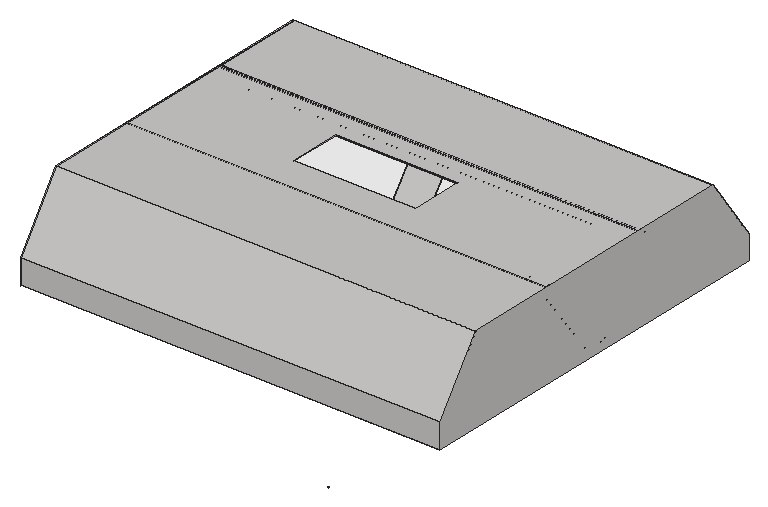
Revit family "QF_ELECTROLUXPROFESSIONAL_642370_BC2224DT", category Specialty Equipment, Revit 2014
Reference planes
  plane 1: z = 0
  plane 2 "Center (Left/Right)": x = 150
  plane 3 "LEFT": x = -1050
  plane 4 "RIGHT": x = 1350
  plane 5 "BACK": y = 550
  plane 6 "TOP": z = 2500
  plane 7 "Base": z = 2000
  plane 8: z = 1946
  plane 9: x = -1047
  plane 10 "DrainX": x = 1199
  plane 11 "AOLeft2": x = 450
  plane 12: x = 1347
  plane 13: x = -850
  plane 14: x = 1150
  plane 15: x = 50
  plane 16: x = 250
  plane 17 "AOLeft1": x = -250
  plane 18: y = -400
  plane 19: y = -700
  plane 20 "Center (Front/Back)": y = -550
  plane 21: y = -1650
  plane 22: through (0, -601.379, 2046.209) normal (0, 0.8019, 0.5974)
  plane 23: through (0, -498.621, 2046.209) normal (0, 0.8019, -0.5974)
  plane 24: z = 2140
Forms (mm)
  Extrusion 1, solid, material "QF_Finishes_Stainless Steel"
    sketch origin (-1050, 0, 360) x (0, 1, 0) y (0, 0, 1)
      loop
        line (550, 1640) -> (550, 1780) -> (299.446, 2140) -> (-1399.446, 2140) -> (-1650, 1780) -> (-1650, 1640) -> (550, 1640)
    from 0 to 3
  Extrusion 2, solid, material "QF_Finishes_Stainless Steel"
    sketch origin (1350, 0, 360) x (0, 1, 0) y (0, 0, 1)
      loop
        line (550, 1640) -> (550, 1780) -> (299.446, 2140) -> (-1399.446, 2140) -> (-1650, 1780) -> (-1650, 1640) -> (550, 1640)
    from 0 to -3
  Extrusion 3, solid, material "QF_Finishes_Stainless Steel"
    sketch origin (150, 0, 360) x (0, 1, 0) y (0, 0, 1)
      loop
        line (-1399.446, 2140) -> (-1650, 1780) -> (-1650, 1640) -> (-1640, 1640) -> (-1640, 1640.8) -> (-1649.2, 1640.8) -> (-1649.2, 1779.739) -> (-1399.025, 2139.19) -> (299.025, 2139.19) -> (549.2, 1779.739) -> (549.2, 1640.8) -> (540, 1640.8) -> (540, 1640) -> (550, 1640) -> (550, 1780) -> (299.446, 2140) -> (-1399.446, 2140)
    from -1200 to 1200
  Extrusion 4, void
    sketch origin (0, 0, 2500) x (0, 1, 0) y (-1, 0, 0)
      loop
        line (-400, -450) -> (-400, 250) -> (-700, 250) -> (-700, -450) -> (-400, -450)
    from 0 to -10
  Extrusion 5, solid, material "QF_Finishes_Stainless Steel"
    sketch origin (0, 0, 0) x (1, 0, 0) y (0, 1, 0)
      loop
        line (-1050, 550) -> (-1050, 549) -> (-1049, 549) -> (-1049, 550) -> (-1050, 550)
    from 0 to 1
  Extrusion 6, solid, material "QF_Finishes_Stainless Steel"
    sketch origin (150, -400, 360) x (0, 1, 0) y (0, 0, 1)
      loop
        line (-498.883, 2085.553) -> (-201.379, 1686.209) -> (-185.34, 1698.157) -> (-482.844, 2097.501) -> (-498.883, 2085.553)
      loop
        line (198.883, 2085.553) -> (182.844, 2097.501) -> (-114.66, 1698.157) -> (-98.621, 1686.209) -> (198.883, 2085.553)
    from -1000 to -1197
  Extrusion 7, solid, material "QF_Finishes_Stainless Steel"
    sketch origin (150, -400, 360) x (0, 1, 0) y (0, 0, 1)
      loop
        arc (-83.944, 1704.554) -> (-84.545, 1704.706) -> (-85.077, 1704.389) r 0.81
        line (-85.077, 1704.389) -> (-99.535, 1684.991) -> (-116.611, 1687.002) -> (-113.609, 1712.615) -> (-114.407, 1712.708) -> (-117.406, 1687.095)
        arc (-117.406, 1687.095) -> (-117.237, 1686.499) -> (-116.695, 1686.197) r 0.81
        line (-116.695, 1686.197) -> (-99.628, 1684.196)
        arc (-99.628, 1684.196) -> (-99.213, 1684.257) -> (-98.884, 1684.517) r 0.81
        line (-98.884, 1684.517) -> (-84.436, 1703.911) -> (-73.692, 1695.919) -> (-99.855, 1660.79) -> (-200.145, 1660.79) -> (-226.308, 1695.919) -> (-215.564, 1703.911) -> (-201.116, 1684.517)
        arc (-201.116, 1684.517) -> (-200.787, 1684.257) -> (-200.372, 1684.196) r 0.81
        line (-200.372, 1684.196) -> (-183.305, 1686.197)
        arc (-183.305, 1686.197) -> (-182.763, 1686.499) -> (-182.594, 1687.095) r 0.81
        line (-182.594, 1687.095) -> (-185.593, 1712.708) -> (-186.391, 1712.615) -> (-183.389, 1687.002) -> (-200.465, 1684.991) -> (-214.923, 1704.389)
        arc (-214.923, 1704.389) -> (-215.455, 1704.706) -> (-216.056, 1704.554) r 0.81
        line (-216.056, 1704.554) -> (-226.786, 1696.561)
        arc (-226.786, 1696.561) -> (-227.103, 1696.028) -> (-226.951, 1695.427) r 0.81
        line (-226.951, 1695.427) -> (-200.843, 1660.381)
        arc (-200.843, 1660.381) -> (-200.5, 1660.093) -> (-200.063, 1659.99) r 0.972
        line (-200.063, 1659.99) -> (-99.951, 1659.99)
        arc (-99.951, 1659.99) -> (-99.502, 1660.096) -> (-99.149, 1660.393) r 1
        line (-99.149, 1660.393) -> (-73.049, 1695.427)
        arc (-73.049, 1695.427) -> (-72.897, 1696.028) -> (-73.214, 1696.561) r 0.81
        line (-73.214, 1696.561) -> (-83.944, 1704.554)
      loop
        line (-492.735, 2139.19) -> (-492.735, 2129.205) -> (-517.587, 2110.686)
        arc (-517.587, 2110.686) -> (-517.904, 2110.153) -> (-517.752, 2109.552) r 0.81
        line (-517.752, 2109.552) -> (-484.894, 2065.446) -> (-495.625, 2057.438) -> (-495.147, 2056.796) -> (-484.418, 2064.79)
        arc (-484.418, 2064.79) -> (-484.1, 2065.322) -> (-484.252, 2065.923) r 0.81
        line (-484.252, 2065.923) -> (-517.117, 2110.038) -> (-491.935, 2128.798) -> (-491.935, 2138.4) -> (-462.776, 2138.4) -> (-462.776, 2070.563) -> (-461.976, 2069.49) -> (-461.976, 2139.19) -> (-492.735, 2139.19)
      loop
        line (192.735, 2139.19) -> (161.976, 2139.19) -> (161.976, 2069.49) -> (162.776, 2070.563) -> (162.776, 2138.4) -> (191.935, 2138.4) -> (191.935, 2128.798) -> (217.117, 2110.038) -> (184.252, 2065.923)
        arc (184.252, 2065.923) -> (184.1, 2065.322) -> (184.418, 2064.79) r 0.81
        line (184.418, 2064.79) -> (195.147, 2056.796) -> (195.625, 2057.438) -> (184.894, 2065.446) -> (217.752, 2109.552)
        arc (217.752, 2109.552) -> (217.904, 2110.153) -> (217.587, 2110.686) r 0.81
        line (217.587, 2110.686) -> (192.735, 2129.205) -> (192.735, 2139.19)
    from -1197 to 1197
  Extrusion 8, solid, material "QF_Finishes_Stainless Steel"
    sketch origin (150, -400, 360) x (0, 1, 0) y (0, 0, 1)
      loop
        line (-498.883, 2085.553) -> (-201.379, 1686.209) -> (-185.34, 1698.157) -> (-482.844, 2097.501) -> (-498.883, 2085.553)
      loop
        line (198.883, 2085.553) -> (182.844, 2097.501) -> (-114.66, 1698.157) -> (-98.621, 1686.209) -> (198.883, 2085.553)
    from 1197 to 1000
  Extrusion 9, solid, material "QF_Finishes_Stainless Steel"
    sketch origin (150, -400, 360) x (0, 1, 0) y (0, 0, 1)
      loop
        line (-498.883, 2085.553) -> (-201.379, 1686.209) -> (-185.34, 1698.157) -> (-482.844, 2097.501) -> (-498.883, 2085.553)
      loop
        line (198.883, 2085.553) -> (182.844, 2097.501) -> (-114.66, 1698.157) -> (-98.621, 1686.209) -> (198.883, 2085.553)
    from -100 to 100
  Extrusion 10, solid, material "QF_Finished_Chrome"
    sketch origin (150, -400, 360) x (0, 1, 0) y (0, 0, 1)
      loop
        line (-498.883, 2085.553) -> (-201.379, 1686.209) -> (-185.34, 1698.157) -> (-482.844, 2097.501) -> (-498.883, 2085.553)
      loop
        line (198.883, 2085.553) -> (182.844, 2097.501) -> (-114.66, 1698.157) -> (-98.621, 1686.209) -> (198.883, 2085.553)
    from -1000 to -100
  Extrusion 11, solid, material "QF_Finished_Chrome"
    sketch origin (150, -400, 360) x (0, 1, 0) y (0, 0, 1)
      loop
        line (-498.883, 2085.553) -> (-201.379, 1686.209) -> (-185.34, 1698.157) -> (-482.844, 2097.501) -> (-498.883, 2085.553)
      loop
        line (198.883, 2085.553) -> (182.844, 2097.501) -> (-114.66, 1698.157) -> (-98.621, 1686.209) -> (198.883, 2085.553)
    from 100 to 1000
  Sweep 12, solid, material "QF_Finishes_Stainless Steel"
    path origin (0, 0, 0) x (1, 0, 0) y (0, 1, 0)
      loop
        line (1350, 550) -> (-1050, 550) -> (-1050, -1650) -> (1350, -1650) -> (1350, 550)
    profile origin (1350, -550, 0) x (1, 0, 0) y (0, 0, 1)
      loop
        line (-3, 2000) -> (-3, 2000.8) -> (-19, 2000.8) -> (-19, 2010) -> (-20, 2010) -> (-20, 2000) -> (-3, 2000)
  Extrusion 13, solid, material "QF_Finishes_Stainless Steel"
    sketch origin (1199, 0, 0) x (0, 1, 0) y (0, 0, 1)
      loop
        arc (-518.5, 1946) -> (-511.429, 1948.929) -> (-508.5, 1956) r 10
        line (-508.5, 1956) -> (-508.5, 2000.8) -> (-591.5, 2000.8) -> (-591.5, 1956)
        arc (-591.5, 1956) -> (-588.571, 1948.929) -> (-581.5, 1946) r 10
        line (-581.5, 1946) -> (-518.5, 1946)
    from -90 to 90
  Extrusion 14, solid, material "QF_Finishes_Stainless Steel"
    sketch origin (0, -1100, 2000) x (0, 1, 0) y (-1, 0, 0)
      loop
        circle (550, -1199) r 6.35
    from -3.799 to 0
Cuts and joins
  Extrusion 4 cuts Extrusion 3
  joined: Extrusion 2, Extrusion 3, Sweep 12
Lines and regions (mm)
  symbolic lines, style "SpecialityEquipment", detail levels coarse
    curve 1: line (1350, 550, 2500) -> (-1050, 550, 2500)
    curve 2: line (-1050, 550, 2500) -> (-1050, -1650, 2500)
    curve 3: line (1350, -1650, 2500) -> (1350, 550, 2500)
    curve 4: line (-1050, 299.025, 0) -> (1349.504, -1399.025, 0)
    curve 5: line (1349.568, 299.025, 0) -> (-1050, -1399.025, 0)
  symbolic lines, detail levels coarse
    curve 6: line (-250, -700, 0) -> (450, -700, 0)
    curve 7: line (-250, -400, 0) -> (-250, -700, 0)
    curve 8: line (450, -400, 0) -> (-250, -400, 0)
    curve 9: line (450, -700, 0) -> (450, -400, 0)
    curve 10: line (-1050, 299.025, 0) -> (1349.568, 299.025, 0)
    curve 11: line (1349.504, -1399.025, 0) -> (-1050, -1399.025, 0)
    curve 12: line (-1050, -1650, 0) -> (1350, -1650, 0)
Dimensions and locks
  plane 3 "LEFT" to plane 4 "RIGHT" = 2400 mm
  equal spacing: plane 3 "LEFT", plane 2 "Center (Left/Right)", plane 4 "RIGHT"
  plane 3 "LEFT" to plane 9 = 3 mm
  plane 10 "DrainX" to plane 4 "RIGHT" = 151 mm
  plane 12 to plane 4 "RIGHT" = 3 mm
  plane 3 "LEFT" to plane 13 = 200 mm
  plane 14 to plane 4 "RIGHT" = 200 mm
  locked: plane 7 "Base" to level at 2000
  locked: plane 15 to plane 16 at 200
  equal spacing: plane 15, plane 2 "Center (Left/Right)", plane 16
  plane 7 "Base" to plane 8 = 54 mm
  locked: plane 6 "TOP" to plane 7 "Base" at 500
  plane 5 "BACK" to plane 21 = 2200 mm  (x2)
  equal spacing: plane 5 "BACK", plane 20 "Center (Front/Back)", plane 21
  plane 19 to plane 18 = 300 mm
  equal spacing: plane 19, plane 20 "Center (Front/Back)", plane 18
  plane 24 to plane 7 "Base" = 140 mm
  locked: plane 17 "AOLeft1" to plane 11 "AOLeft2" at 700
  aligned and locked: level to plane 1
  aligned and locked: plane 4 "RIGHT" to Extrusion 3
  aligned and locked: Extrusion 3 to plane 3 "LEFT"
  aligned and locked: Extrusion 6 to plane 9
  aligned and locked: plane 13 to Extrusion 6
  aligned and locked: Extrusion 2 to plane 12
  aligned and locked: plane 12 to Extrusion 8
  aligned and locked: Extrusion 8 to plane 14
  aligned and locked: plane 16 to Extrusion 9
  aligned and locked: Extrusion 9 to plane 15
  aligned and locked: plane 15 to Extrusion 10
  aligned and locked: Extrusion 10 to plane 13
  aligned and locked: Extrusion 11 to plane 16
  aligned and locked: Extrusion 11 to plane 14
  aligned and locked: Extrusion 7 to plane 9
  aligned and locked: plane 12 to Extrusion 7
  aligned and locked: Extrusion 4 to plane 17 "AOLeft1"
  aligned and locked: Extrusion 4 to plane 11 "AOLeft2"
  aligned and locked: plane 19 to Extrusion 4
  aligned and locked: plane 18 to Extrusion 4
Automatic sketch dimensions
  Extrusion 4 sketch curve to plane 11 "AOLeft2" = 0 mm
  Extrusion 4 sketch curve to plane 17 "AOLeft1" = 0 mm
  Extrusion 5 sketch curve to plane 3 "LEFT" = 0 mm
  Extrusion 5 sketch curve to plane 5 "BACK" = 0 mm
  plane 3 "LEFT" to Extrusion 5 sketch curve = 1 mm
  Extrusion 5 sketch curve to Extrusion 5 sketch curve = 1 mm
  Sweep 12 sketch curve to plane 3 "LEFT" = 0 mm
  Sweep 12 sketch curve to plane 4 "RIGHT" = 0 mm
  Sweep 12 sketch curve to plane 5 "BACK" = 0 mm
  profile plane to Sweep 12 sketch curve = 20 mm
  Sweep 12 sketch curve to Sweep 12 sketch curve = 1 mm
  profile plane to Sweep 12 sketch curve = 3 mm
  level to Sweep 12 sketch curve = 2000 mm
  Sweep 12 sketch curve to Sweep 12 sketch curve = 0.8 mm
  Sweep 12 sketch curve to Sweep 12 sketch curve = 9.2 mm
  plane 19 to Extrusion 2 sketch curve = 699.446 mm
  plane 19 to Sweep 12 sketch curve = 950 mm
  plane 19 to Extrusion 4 sketch curve = 0 mm
  Extrusion 4 sketch curve to plane 18 = 0 mm
  Extrusion 14 sketch curve to plane 10 "DrainX" = 0 mm
  Extrusion 14 sketch curve to plane 20 "Center (Front/Back)" = 0 mm
  Extrusion 13 sketch curve to plane 8 = 0 mm
  plane 8 to Extrusion 13 sketch curve = 10 mm
  Extrusion 13 sketch curve to plane 20 "Center (Front/Back)" = 41.5 mm
  plane 20 "Center (Front/Back)" to Extrusion 13 sketch curve = 31.5 mm
  plane 7 "Base" to Extrusion 13 sketch curve = 0.8 mm
  plane 20 "Center (Front/Back)" to Extrusion 13 sketch curve = 41.5 mm
  plane 19 to Extrusion 6 sketch curve = 198.883 mm
  Extrusion 6 sketch curve to plane 6 "TOP" = 42.499 mm  (x2)
  Extrusion 6 sketch curve to Extrusion 6 sketch curve = 16.039 mm  (x2)
  Extrusion 6 sketch curve to plane 20 "Center (Front/Back)" = 51.379 mm
  plane 20 "Center (Front/Back)" to Extrusion 6 sketch curve = 35.34 mm
  plane 18 to Extrusion 6 sketch curve = 182.844 mm
  Extrusion 6 sketch curve to Extrusion 6 sketch curve = 11.948 mm  (x2)
  Extrusion 7 sketch curve to plane 6 "TOP" = 30.448 mm  (x2)
  plane 19 to Extrusion 7 sketch curve = 217.752 mm
  Extrusion 7 sketch curve to plane 6 "TOP" = 29.314 mm  (x2)
  Extrusion 7 sketch curve to Extrusion 7 sketch curve = 0.166 mm  (x3)
  Extrusion 7 sketch curve to plane 6 "TOP" = 29.962 mm  (x2)
  Extrusion 7 sketch curve to Extrusion 7 sketch curve = 0.47 mm  (x2)
  Extrusion 7 sketch curve to Extrusion 7 sketch curve = 0.014 mm  (x2)
  Extrusion 7 sketch curve to plane 6 "TOP" = 82.562 mm  (x2)
  Extrusion 7 sketch curve to Extrusion 7 sketch curve = 22.127 mm
  Extrusion 7 sketch curve to plane 6 "TOP" = 83.204 mm  (x2)
  Extrusion 7 sketch curve to Extrusion 7 sketch curve = 0.478 mm  (x5)
  Extrusion 7 sketch curve to plane 6 "TOP" = 0.81 mm  (x2)
  Extrusion 7 sketch curve to Extrusion 7 sketch curve = 24.852 mm
  Extrusion 7 sketch curve to Extrusion 7 sketch curve = 0.8 mm  (x5)
  Extrusion 7 sketch curve to Extrusion 7 sketch curve = 10.724 mm
  Extrusion 7 sketch curve to plane 6 "TOP" = 74.554 mm  (x2)
  Extrusion 7 sketch curve to Extrusion 7 sketch curve = 0.008 mm  (x6)
  Extrusion 7 sketch curve to plane 6 "TOP" = 75.21 mm  (x2)
  Extrusion 7 sketch curve to plane 6 "TOP" = 74.077 mm  (x2)
  Extrusion 7 sketch curve to Extrusion 7 sketch curve = 0.642 mm  (x2)
  Extrusion 7 sketch curve to plane 6 "TOP" = 69.437 mm  (x2)
  Extrusion 7 sketch curve to Extrusion 7 sketch curve = 21.476 mm  (x2)
  Extrusion 7 sketch curve to plane 19 = 73.049 mm
  Extrusion 7 sketch curve to Extrusion 7 sketch curve = 0.006 mm  (x4)
  Extrusion 7 sketch curve to Extrusion 7 sketch curve = 10.73 mm  (x3)
  Extrusion 7 sketch curve to Extrusion 7 sketch curve = 0.484 mm  (x4)
  Extrusion 7 sketch curve to Extrusion 7 sketch curve = 0.641 mm  (x2)
  Extrusion 7 sketch curve to Extrusion 7 sketch curve = 14.448 mm
  plane 7 "Base" to Extrusion 7 sketch curve = 20.381 mm
  Extrusion 7 sketch curve to Extrusion 7 sketch curve = 0.273 mm
  Extrusion 7 sketch curve to Extrusion 7 sketch curve = 0.65 mm  (x2)
  Extrusion 7 sketch curve to Extrusion 7 sketch curve = 0.001 mm  (x4)
  Extrusion 7 sketch curve to Extrusion 7 sketch curve = 0.093 mm  (x2)
  plane 7 "Base" to Extrusion 7 sketch curve = 20.79 mm
  Extrusion 7 sketch curve to Extrusion 7 sketch curve = 0.698 mm
  Extrusion 7 sketch curve to Extrusion 7 sketch curve = 0.081 mm
  Extrusion 7 sketch curve to Extrusion 7 sketch curve = 28.531 mm
  Extrusion 7 sketch curve to Extrusion 7 sketch curve = 0.799 mm  (x2)
  Extrusion 7 sketch curve to Extrusion 7 sketch curve = 17.067 mm  (x2)
  Extrusion 7 sketch curve to Extrusion 7 sketch curve = 0.01 mm  (x4)
  Extrusion 7 sketch curve to Extrusion 7 sketch curve = 0.094 mm
  Extrusion 7 sketch curve to Extrusion 7 sketch curve = 0.795 mm  (x2)
  plane 20 "Center (Front/Back)" to Extrusion 7 sketch curve = 32.594 mm
  Extrusion 7 sketch curve to Extrusion 7 sketch curve = 0.71 mm
  Extrusion 7 sketch curve to Extrusion 7 sketch curve = 2.998 mm
  Extrusion 7 sketch curve to Extrusion 7 sketch curve = 16.745 mm
  Extrusion 7 sketch curve to Extrusion 7 sketch curve = 0.095 mm
  plane 7 "Base" to Extrusion 7 sketch curve = 20.393 mm
  Extrusion 7 sketch curve to Extrusion 7 sketch curve = 0.707 mm
  Extrusion 7 sketch curve to Extrusion 7 sketch curve = 0.651 mm
  Extrusion 7 sketch curve to Extrusion 7 sketch curve = 14.456 mm
  Extrusion 7 sketch curve to plane 6 "TOP" = 70.51 mm  (x2)
  plane 18 to Extrusion 7 sketch curve = 161.976 mm
  Extrusion 7 sketch curve to plane 6 "TOP" = 1.6 mm
  Extrusion 7 sketch curve to Extrusion 7 sketch curve = 29.159 mm
  Extrusion 7 sketch curve to Extrusion 7 sketch curve = 24.368 mm
  Extrusion 7 sketch curve to Extrusion 7 sketch curve = 0.636 mm
  Extrusion 7 sketch curve to Extrusion 7 sketch curve = 23.206 mm
  Extrusion 7 sketch curve to Extrusion 7 sketch curve = 23.234 mm
  Extrusion 7 sketch curve to Extrusion 7 sketch curve = 0.321 mm  (x2)
  Extrusion 7 sketch curve to Extrusion 7 sketch curve = 2.001 mm  (x2)
  Extrusion 7 sketch curve to Extrusion 7 sketch curve = 0.804 mm  (x2)
  Extrusion 7 sketch curve to Extrusion 7 sketch curve = 10.911 mm  (x2)
  Extrusion 7 sketch curve to Extrusion 7 sketch curve = 7.993 mm  (x2)
  Extrusion 7 sketch curve to Extrusion 7 sketch curve = 25.613 mm  (x2)
  Extrusion 7 sketch curve to Extrusion 7 sketch curve = 0.407 mm  (x2)
  Extrusion 7 sketch curve to Extrusion 7 sketch curve = 0.79 mm
  Extrusion 3 sketch curve to plane 7 "Base" = 0 mm  (x2)
  Extrusion 3 sketch curve to plane 21 = 0 mm
  Extrusion 3 sketch curve to plane 5 "BACK" = 0 mm
  plane 21 to Extrusion 3 sketch curve = 0.8 mm
  plane 7 "Base" to Extrusion 3 sketch curve = 0.8 mm  (x2)
  Extrusion 3 sketch curve to Extrusion 3 sketch curve = 9.2 mm
  plane 21 to Extrusion 3 sketch curve = 250.554 mm
  Extrusion 3 sketch curve to Extrusion 3 sketch curve = 0.421 mm  (x2)
  Extrusion 3 sketch curve to plane 6 "TOP" = 0.81 mm
  Extrusion 3 sketch curve to plane 5 "BACK" = 250.975 mm
  Extrusion 3 sketch curve to plane 5 "BACK" = 10 mm
  Extrusion 3 sketch curve to plane 5 "BACK" = 0.8 mm
  Extrusion 3 sketch curve to Extrusion 3 sketch curve = 138.939 mm  (x2)
  Extrusion 3 sketch curve to Extrusion 3 sketch curve = 0.261 mm  (x2)
  Extrusion 3 sketch curve to plane 6 "TOP" = 0 mm
  Extrusion 1 sketch curve to plane 7 "Base" = 0 mm
  Extrusion 1 sketch curve to plane 21 = 0 mm
  Extrusion 1 sketch curve to plane 6 "TOP" = 0 mm
  Extrusion 1 sketch curve to plane 5 "BACK" = 0 mm
  Extrusion 1 sketch curve to plane 5 "BACK" = 250.554 mm
  plane 7 "Base" to Extrusion 1 sketch curve = 140 mm
  Extrusion 1 sketch curve to Extrusion 1 sketch curve = 140 mm
  plane 21 to Extrusion 1 sketch curve = 250.554 mm
  Extrusion 2 sketch curve to plane 5 "BACK" = 250.554 mm
  plane 7 "Base" to Extrusion 2 sketch curve = 140 mm  (x2)
  Extrusion 2 sketch curve to plane 7 "Base" = 0 mm
  plane 21 to Extrusion 2 sketch curve = 0 mm
  Extrusion 2 sketch curve to plane 6 "TOP" = 0 mm
  Extrusion 2 sketch curve to plane 5 "BACK" = 0 mm
  plane 19 to Extrusion 10 sketch curve = 198.883 mm
  Extrusion 10 sketch curve to plane 6 "TOP" = 42.499 mm  (x2)
  Extrusion 10 sketch curve to Extrusion 10 sketch curve = 16.039 mm  (x2)
  Extrusion 10 sketch curve to plane 20 "Center (Front/Back)" = 51.379 mm
  plane 20 "Center (Front/Back)" to Extrusion 10 sketch curve = 35.34 mm
  plane 18 to Extrusion 10 sketch curve = 182.844 mm
  Extrusion 10 sketch curve to Extrusion 10 sketch curve = 11.948 mm  (x2)
  plane 19 to Extrusion 9 sketch curve = 198.883 mm
  Extrusion 9 sketch curve to plane 6 "TOP" = 42.499 mm  (x2)
  Extrusion 9 sketch curve to Extrusion 9 sketch curve = 16.039 mm  (x2)
  Extrusion 9 sketch curve to plane 20 "Center (Front/Back)" = 51.379 mm
  plane 20 "Center (Front/Back)" to Extrusion 9 sketch curve = 35.34 mm
  plane 18 to Extrusion 9 sketch curve = 182.844 mm
  Extrusion 9 sketch curve to Extrusion 9 sketch curve = 11.948 mm  (x2)
  plane 19 to Extrusion 11 sketch curve = 198.883 mm
  Extrusion 11 sketch curve to plane 6 "TOP" = 42.499 mm  (x2)
  Extrusion 11 sketch curve to Extrusion 11 sketch curve = 16.039 mm  (x2)
  Extrusion 11 sketch curve to plane 20 "Center (Front/Back)" = 51.379 mm
  plane 20 "Center (Front/Back)" to Extrusion 11 sketch curve = 35.34 mm
  plane 18 to Extrusion 11 sketch curve = 182.844 mm
  Extrusion 11 sketch curve to Extrusion 11 sketch curve = 11.948 mm  (x2)
  plane 19 to Extrusion 8 sketch curve = 198.883 mm
  Extrusion 8 sketch curve to plane 6 "TOP" = 42.499 mm  (x2)
  Extrusion 8 sketch curve to Extrusion 8 sketch curve = 16.039 mm  (x2)
  Extrusion 8 sketch curve to plane 20 "Center (Front/Back)" = 51.379 mm
  plane 20 "Center (Front/Back)" to Extrusion 8 sketch curve = 35.34 mm
  plane 18 to Extrusion 8 sketch curve = 182.844 mm
  Extrusion 8 sketch curve to Extrusion 8 sketch curve = 11.948 mm  (x2)
  curve 2 to plane 3 "LEFT" = 0 mm
  curve 2 to plane 21 = 0 mm
  curve 3 to plane 4 "RIGHT" = 0 mm
  curve 2 to plane 5 "BACK" = 0 mm
  plane 21 to curve 3 = 0 mm
  curve 12 to plane 3 "LEFT" = 0 mm
  curve 11 to plane 3 "LEFT" = 0 mm
  curve 10 to plane 3 "LEFT" = 0 mm
  curve 6 to plane 17 "AOLeft1" = 0 mm
  curve 9 to plane 11 "AOLeft2" = 0 mm
  curve 12 to plane 4 "RIGHT" = 0 mm
  curve 12 to plane 21 = 0 mm
  plane 19 to curve 6 = 0 mm
  curve 9 to plane 18 = 0 mm
  curve 11 to plane 4 "RIGHT" = 0.496 mm
  curve 5 to plane 4 "RIGHT" = 0.432 mm
  plane 21 to curve 4 = 250.975 mm
  curve 10 to plane 5 "BACK" = 250.975 mm
  radius of Extrusion 14 sketch curve = 6.35 mm
Connectors
  hvac at (100, -550, 2500)
    settings: on Extrusion 4, index 2, duct flow 0.0 L/s, flow factor 0, pres drop 0.0 Pa, loss coef 0, conn angle 0.00°, conn width 300 mm, conn height 0 mm, conn diameter 609.6 mm, duct sys type 3, conn prof type 1, flow config 1, flow direction 2, loss method 0, conn ref index -1, conn util no, is conn primary yes, conn desc "EXHAUST OUTLET"
  piping at (1199, -550, 1996.201), diameter 12.7
    settings: on Extrusion 14, index 4, connector inside diameter 609.6 mm, connector length 0 mm, flow factor 0, pipe flow 0.0 L/s, pressure drop 0.0 Pa, fitting loss kfactor 0, connector angle 0.00°, fixture units 0, engagement length 0 mm, angle of deflection 0.00°, flow configuration 1, flow direction 2, fitting loss method 0, system type 16, joint type 0, gender type 0, connector reference index -1, connector utility 0, adjustable connector no, is connector primary yes, connector description "Drain"
